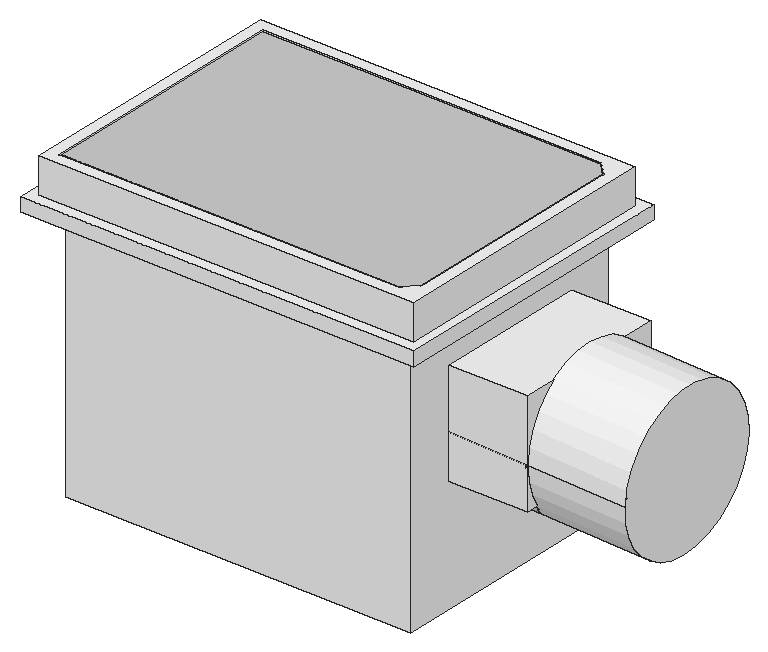
Revit family "HL_Трап для подвалов_HL77", category Instalační zařizovací předměty, Revit 2016
Family settings
  Typ součásti = Normální
  Kóta kulaté spojky = Použít průměr
  Číslo OmniClass = 23.70.50.21.24.14
  Nadpis OmniClass = Deck Waste Water Drains
  Založené na pracovní rovině = Ne
  Vždy vertikální = Ano
  Ořezat dutým tvarem při načtení = Ne
  Sdílené = Ano
  Bod výpočtu místnosti = Ano
Parameters (values of type "HL_Трап для подвалов_HL77")
  РЕШЁТКА = "250x180mm/ ABS"
  РАЗМЕР = "DN110"
  ПРОПУСКНАЯ СПОСОБНОСТЬ [instance] = 0.0 L/s
  ПРОИЗВОДИТЕЛЬНОСТЬ = "1,58 l/s"
  ПРАВОВАЯ ИНФОРМАЦИЯ = "\"Авторские права(©), права на дизайн или какие либо другие права интелектуальной собственности являются исключительной собственностью компании HL Hutterer & Lechner. Изменению не подлежит. Файл семейства с данными о прозводителе изделия защищен паролем с водяным знаком.\""
  ПАДЕНИЕ ДАВЛЕНИЯ [instance] = 0.0 Pa
  НОМИНАЛЬНЫЙ ДИАМЕТР = 110 mm
  МАТЕРИАЛ = "ABS"
  МАКСИМАЛЬНАЯ НАГРУЗКА КЛАССА = "K3 -300 kg"
  ВЫСОТА МОНТАЖА = "220 mm"
  ВЕС = "2,831 kg"
  Připojení ventilace = no
  Výrobce = "HL Hutterer & Lechner GmbH"
  URL = "http://www.hutterer-lechner.com/ru/products/catalog/roof-drains/HL77.aspx"
  Připojení odpadu = yes
  Připojení HW = no
  Popis = "Трап для подвалов"
  Model = "HL77"
  Komentáře k typům = "Трап для подвалов DN110 горизонтальный с тройным обратным клапаном, 2 х 180х125мм синтетический материал"
  Keynote = "HL77"
  Высота монтажа [instance] = 0 mm
  Připojení CW = no
  EAN = "9003076700776"
  D1 [instance] = 250.5 mm
  D [instance] = Высота монтажа + 56.6 mm  # 56.6 mm
  C [instance] = Высота монтажа + 56.6 mm  # 56.6 mm
  B [instance] = Высота монтажа + 109.9 mm  # 109.9 mm
  A [instance] = if(B - 100 mm > 15 mm, B - 100 mm, 15 mm)  # 15 mm
Types (2, lengths in mm): name | URL | Popis | Komentáře k typům
  (no name) | "http://www.hutterer-lechner.com/en/products/catalog/roof-drains/HL77.aspx" | "Anti flood valves" | "basement drain DN110 horizontal with triple anti-flood valve, 2 x 180x125mm plastic"
  HL_Трап для подвалов_HL77 | "http://www.hutterer-lechner.com/ru/products/catalog/roof-drains/HL77.aspx" | "Трап для подвалов" | "Трап для подвалов DN110 горизонтальный с тройным обратным клапаном, 2 х 180х125мм синтетический материал"
Values of the unnamed type that differ from the named types
  ПРАВОВАЯ ИНФОРМАЦИЯ = "\"Copyright (©), design rights or any other intellectual property rights, shall be the exclusive property of HL Hutterer & Lechner GmbH. Modification is not allowed. Family has been watermarked.\""
  Model = "HL_Basement drain_HL77"
  Keynote = "HL_Basement drain_HL77"
Reference planes
  plane 1 "Center (Front/Back)": y = 0
  plane 2: z = 0
  plane 3 "Center (Left/Right)": x = 0
  plane 4 "Ball Joint Vertical": x = 25.45
  plane 5: z = 0
  plane 6: z = -109.9
Lines and regions (mm)
  model lines, style "InvisibleLines"
    curve 1: line (0, 0, 0) -> (0, 0, 560)
  reference lines
    curve 2: line (220.5, 0, -109.9) -> (250.5, 0, -109.9)
  model lines, detail levels coarse+medium
    curve 3: line (0, 0, -109.9) -> (0, 0, -94.9)
    curve 4: line (0, 0, -94.9) -> (94.9, 0, 0)
    curve 5: line (0, 0, -94.9) -> (-94.9, 0, 0)
    curve 6: line (0, 0, -109.9) -> (250.5, 0, -109.9)
  symbolic lines, style "PlumbingFixtures", detail levels coarse+medium
    curve 7: line (-75, 75, 0) -> (75, 75, 0)
    curve 8: line (-75, -75, 0) -> (-75, 75, 0)
    curve 9: line (75, -75, 0) -> (-75, -75, 0)
    curve 10: line (75, 75, 0) -> (75, -75, 0)
    curve 11: line (-75, 75, 0) -> (-145.711, 145.711, 0)
    curve 12: line (75, 75, 0) -> (145.711, 145.711, 0)
    curve 13: line (-75, -75, 0) -> (-145.711, -145.711, 0)
    curve 14: line (75, -75, 0) -> (145.711, -145.711, 0)
  symbolic lines, style "PlumbingFixtures", not visible, detail levels coarse+medium
    curve 15: line (-75, 75, 0) -> (75, 75, 0)
    curve 16: line (-75, -75, 0) -> (-75, 75, 0)
    curve 17: line (75, -75, 0) -> (-75, -75, 0)
    curve 18: line (75, 75, 0) -> (75, -75, 0)
    curve 19: line (-75, 75, 0) -> (-145.711, 145.711, 0)
    curve 20: line (75, 75, 0) -> (145.711, 145.711, 0)
    curve 21: line (-75, -75, 0) -> (-145.711, -145.711, 0)
    curve 22: line (75, -75, 0) -> (145.711, -145.711, 0)
Text (mm)
  text "FLOOR" at (-198.233, 0, -26.556), in view "вид строительства"
Dimensions and locks
  locked: plane 4 "Ball Joint Vertical" to plane 3 "Center (Left/Right)" at 25.45
  "Высота монтажа": plane 2 to plane 5
  "A": curve 5 to plane 6
  "B": curve 5 to plane 6
  "B": curve 4 to plane 6
  "B": plane 2 to plane 6
  "B": plane 2 to curve 6
  "D1": curve 2 to plane 3 "Center (Left/Right)"
  "D1": curve 6 to plane 3 "Center (Left/Right)"
  locked: curve 4 to plane 3 "Center (Left/Right)" (angle 45.00°)
  locked: plane 3 "Center (Left/Right)" to curve 5 (angle 45.00°)
  aligned and locked: level to plane 2
  aligned and locked: plane 2 to curve 1
  aligned and locked: plane 3 "Center (Left/Right)" to curve 1
  aligned and locked: plane 3 "Center (Left/Right)" to curve 5
  aligned and locked: plane 6 to curve 2
  aligned and locked: plane 5 to nested 1
  aligned and locked: plane 3 "Center (Left/Right)" to nested 1
  aligned and locked: plane 3 "Center (Left/Right)" to nested 2
  aligned and locked: plane 2 to nested 2
Automatic sketch dimensions
  level to curve 1 = 560 mm
  curve 2 to curve 2 = 30 mm
Nested families
  nested 1: "HL-Трап для подвалов-HL77" at (0, 0, 0), type "HL-Трап для подвалов-HL77"
  nested 2: "HL-Решетка из ПП-HL077.1E" at (0, 0, 0), type "HL-Решетка из ПП-HL077.1E"
Connectors
  piping at (250.5, 0, -109.9), diameter 110, driven by "НОМИНАЛЬНЫЙ ДИАМЕТР", driven by "ПРОПУСКНАЯ СПОСОБНОСТЬ"
    settings: on curve 2, index 1, connector inside diameter 609.6 mm, connector length 0 mm, flow factor 0, pipe flow 0.0 L/s, pressure drop 0.0 Pa, fitting loss kfactor 0, connector angle 0.00°, fixture units 0, engagement length 0 mm, angle of deflection 0.00°, flow configuration 1, flow direction 2, fitting loss method 0, system type 16, joint type 0, gender type 0, connector reference index -1, connector utility 0, adjustable connector yes, is connector primary yes, connector description ""
Definition of nested family "HL-Трап для подвалов-HL77"
  Parameters (values of type "HL-Трап для подвалов-HL77")
    Manufacturer = ""
    URL = ""
    Description = ""
    Model = ""
    Type Comments = ""
    Cost = 0
  Reference planes
    plane 1 "Střed (vpředu/vzadu)": y = 0
    plane 2: z = 0
    plane 3 "Střed (vlevo/vpravo)": x = 0
  Forms (mm)
    Extrusion 1, solid, detail levels fine
      sketch origin (0, 0, 0) x (1, 0, 0) y (0, 1, 0)
        loop
          line (-126, 91) -> (-126, -91) -> (116, -91) -> (126, -81) -> (126, 81) -> (116, 91) -> (-126, 91)
        loop
          line (134, -99) -> (134, 99) -> (-134, 99) -> (-134, -99) -> (134, -99)
      from 0 to -25
    Extrusion 2, solid, detail levels fine
      sketch origin (0, 0, -25) x (0, 1, 0) y (1, 0, 0)
        loop
          line (107, -141) -> (107, 141) -> (-107, 141) -> (-107, -141) -> (107, -141)
      from 0 to 10
    Extrusion 3, solid, detail levels fine
      sketch origin (0, 0, -35) x (-1, 0, 0) y (0, 1, 0)
        loop
          line (-123.5, -88) -> (123.5, -88) -> (123.5, 88) -> (-123.5, 88) -> (-123.5, -88)
      from 0 to 185
    Extrusion 4, solid, detail levels fine
      sketch origin (123.5, -86, -35) x (0, -1, 0) y (0, 0, -1)
        loop
          line (-31, 102) -> (-141, 102) -> (-141, 28) -> (-31, 28) -> (-31, 102)
      from 0 to 57
    Sweep 5, solid, detail levels fine
      path origin (0, 0, 0) x (1, 0, 0) y (0, 0, 1)
        loop
          line (248.585, -164.848) -> (177.031, -162.349)
      profile origin (212.808, 0, -163.598) x (-0.034899, 0, -0.999391) y (0, -1, 0)
        loop
          circle (-55, 0) r 55
    Sweep 6, solid, detail levels fine
      path origin (0, 0, 0) x (1, 0, 0) y (0, 0, 1)
        loop
          line (177.031, -162.349) -> (107.073, -159.906)
      profile origin (142.052, 0, -161.128) x (-0.034899, 0, -0.999391) y (0, -1, 0)
        loop
          arc (-55, -55) -> (0, 0) -> (-55, 55) r 55
          line (-55, 55) -> (-55, -55)
  Dimensions and locks
    aligned and locked: level to plane 2
Definition of nested family "HL-Решетка из ПП-HL077.1E"
  Parameters (values of type "HL-Решетка из ПП-HL077.1E")
    РАЗМЕР = "250x180mm"
    ПРАВОВАЯ ИНФОРМАЦИЯ = "\"Авторские права(©), права на дизайн или какие либо другие права интелектуальной собственности являются исключительной собственностью компании HL Hutterer & Lechner. Изменению не подлежит. Файл семейства с данными о прозводителе изделия защищен паролем с водяным знаком.\""
    МАТЕРИАЛ = "ABS"
    МАКСИМАЛЬНАЯ НАГРУЗКА КЛАССА = "K3 - 300kg"
    ВЕС = "0,474 kg"
    Manufacturer = "HL Hutterer & Lechner GmbH"
    URL = "http://www.hutterer-lechner.com/ru/products/catalog/roof-drains/HL077.1E.aspx"
    Description = "Вспомогательные материалы"
    Model = "HL077.1E"
    Type Comments = "Решетка из ПП 180х125мм с отверстием для ухода 180х125мм"
    Keynote = "HL077.1E"
    EAN = "9003076007714"
    Cost = 0
  Values of the unnamed type that differ from the named types
    ПРАВОВАЯ ИНФОРМАЦИЯ = "\"Copyright (©), design rights or any other intellectual property rights, shall be the exclusive property of HL Hutterer & Lechner GmbH. Modification is not allowed. Family has been watermarked.\""
    URL = "http://www.hutterer-lechner.com/en/products/catalog/roof-drains/HL077.1E.aspx"
    Description = "Attachments"
    Type Comments = "plastic grate 180x125mm and cleaning eye 180x125mm"
  Reference planes
    plane 1 "Střed (vpředu/vzadu)": y = 0
    plane 2: z = 0
    plane 3 "Střed (vlevo/vpravo)": x = 0
  Forms (mm)
    Extrusion 1, solid, detail levels fine
      sketch origin (0, 0, 0) x (1, 0, 0) y (0, 1, 0)
        loop
          line (-125, 90) -> (-125, -90) -> (116, -90) -> (125, -81) -> (125, 81) -> (116, 90) -> (-125, 90)
      from 0 to -25
  Lines and regions (mm)
    model lines, detail levels fine
      curve 1: line (-114.5, 12, 0) -> (-106.5, 12, 0)
      curve 2: line (-114.5, 78, 0) -> (-114.5, 12, 0)
      curve 3: line (-106.5, 78, 0) -> (-114.5, 78, 0)
      curve 4: line (-106.5, 12, 0) -> (-106.5, 78, 0)
      curve 5: line (-98.5, 12, 0) -> (-90.5, 12, 0)
      curve 6: line (-98.5, 78, 0) -> (-98.5, 12, 0)
      curve 7: line (-90.5, 78, 0) -> (-98.5, 78, 0)
      curve 8: line (-90.5, 12, 0) -> (-90.5, 78, 0)
      curve 9: line (-82.5, 12, 0) -> (-74.5, 12, 0)
      curve 10: line (-82.5, 78, 0) -> (-82.5, 12, 0)
      curve 11: line (-74.5, 78, 0) -> (-82.5, 78, 0)
      curve 12: line (-74.5, 12, 0) -> (-74.5, 78, 0)
      curve 13: line (-66.5, 12, 0) -> (-58.5, 12, 0)
      curve 14: line (-66.5, 78, 0) -> (-66.5, 12, 0)
      curve 15: line (-58.5, 78, 0) -> (-66.5, 78, 0)
      curve 16: line (-58.5, 12, 0) -> (-58.5, 78, 0)
      curve 17: line (-50.5, 12, 0) -> (-42.5, 12, 0)
      curve 18: line (-50.5, 78, 0) -> (-50.5, 12, 0)
      curve 19: line (-42.5, 78, 0) -> (-50.5, 78, 0)
      curve 20: line (-42.5, 12, 0) -> (-42.5, 78, 0)
      curve 21: line (-34.5, 12, 0) -> (-26.5, 12, 0)
      curve 22: line (-34.5, 78, 0) -> (-34.5, 12, 0)
      curve 23: line (-26.5, 78, 0) -> (-34.5, 78, 0)
      curve 24: line (-26.5, 12, 0) -> (-26.5, 78, 0)
      curve 25: line (-18.5, 12, 0) -> (-10.5, 12, 0)
      curve 26: line (-18.5, 78, 0) -> (-18.5, 12, 0)
      curve 27: line (-10.5, 78, 0) -> (-18.5, 78, 0)
      curve 28: line (-10.5, 12, 0) -> (-10.5, 78, 0)
      curve 29: line (74.5, 8, 0) -> (74.5, 1.25, 0)
      curve 30: line (74.5, 1.25, 0) -> (50.5, 1.25, 0)
      curve 31: line (50.5, 1.25, 0) -> (50.5, 8, 0)
      curve 32: arc (50.5, 8, 0) -> (62.5, 20, 0) -> (74.5, 8, 0) r 12
      curve 33: line (-114.5, -12, 0) -> (-106.5, -12, 0)
      curve 34: line (-114.5, -78, 0) -> (-114.5, -12, 0)
      curve 35: line (-106.5, -78, 0) -> (-114.5, -78, 0)
      curve 36: line (-106.5, -12, 0) -> (-106.5, -78, 0)
      curve 37: line (-98.5, -12, 0) -> (-90.5, -12, 0)
      curve 38: line (-98.5, -78, 0) -> (-98.5, -12, 0)
      curve 39: line (-90.5, -78, 0) -> (-98.5, -78, 0)
      curve 40: line (-90.5, -12, 0) -> (-90.5, -78, 0)
      curve 41: line (-82.5, -12, 0) -> (-74.5, -12, 0)
      curve 42: line (-82.5, -78, 0) -> (-82.5, -12, 0)
      curve 43: line (-74.5, -78, 0) -> (-82.5, -78, 0)
      curve 44: line (-74.5, -12, 0) -> (-74.5, -78, 0)
      curve 45: line (-66.5, -12, 0) -> (-58.5, -12, 0)
      curve 46: line (-66.5, -78, 0) -> (-66.5, -12, 0)
      curve 47: line (-58.5, -78, 0) -> (-66.5, -78, 0)
      curve 48: line (-58.5, -12, 0) -> (-58.5, -78, 0)
      curve 49: line (-50.5, -12, 0) -> (-42.5, -12, 0)
      curve 50: line (-50.5, -78, 0) -> (-50.5, -12, 0)
      curve 51: line (-42.5, -78, 0) -> (-50.5, -78, 0)
      curve 52: line (-42.5, -12, 0) -> (-42.5, -78, 0)
      curve 53: line (-34.5, -12, 0) -> (-26.5, -12, 0)
      curve 54: line (-34.5, -78, 0) -> (-34.5, -12, 0)
      curve 55: line (-26.5, -78, 0) -> (-34.5, -78, 0)
      curve 56: line (-26.5, -12, 0) -> (-26.5, -78, 0)
      curve 57: line (-18.5, -12, 0) -> (-10.5, -12, 0)
      curve 58: line (-18.5, -78, 0) -> (-18.5, -12, 0)
      curve 59: line (-10.5, -78, 0) -> (-18.5, -78, 0)
      curve 60: line (-10.5, -12, 0) -> (-10.5, -78, 0)
      curve 61: line (74.5, -8, 0) -> (74.5, -1.25, 0)
      curve 62: line (74.5, -1.25, 0) -> (50.5, -1.25, 0)
      curve 63: line (50.5, -1.25, 0) -> (50.5, -8, 0)
      curve 64: arc (50.5, -8, 0) -> (62.5, -20, 0) -> (74.5, -8, 0) r 12
  Dimensions and locks
    aligned and locked: level to plane 2
